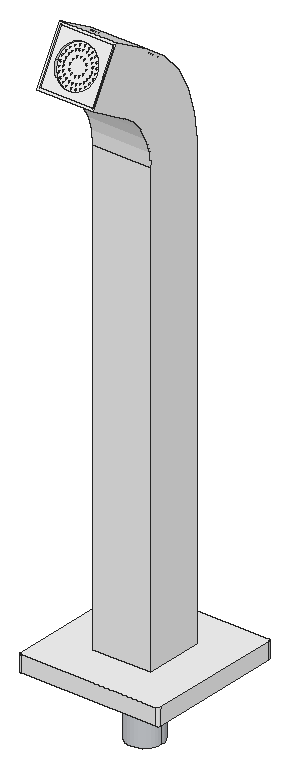
Revit family "Reece_Tap_Mizu_Bloc_Bath Outlet_250 mm", category Plumbing Fixtures, host Face, Revit 2018
Family settings
  Host = Face
  Round Connector Dimension = Use Diameter
  Part Type = Normal
  Cut with Voids When Loaded = No
  Shared = Yes
  Room Calculation Point = Yes
Parameters
  WFU = 0  # constant formula
  URL = "https://www.reece.com.au/product/-9503478"
  Type Comments = "Tap"
  Reece_Tap_Reach = 250 mm  # constant formula
  Reece_Tap_Inlet = 12.5 mm  # constant formula
  Reece_Product_Web Page = "https://www.reece.com.au/product/-9503478"
  Reece_Product_Type = "Tap"  # constant formula
  Reece_Product_Sub Brand = "Bloc"  # constant formula
  Reece_Product_Number = "9503478"
  Reece_Product_Mount = "Wall Mounted"
  Reece_Product_Description = "Mizu Bloc Bath Outlet 250mm Chrome"
  Reece_Product_Brand = "Mizu"  # constant formula
  Reece_Overall_Width = 61 mm  # constant formula
  Reece_Material-Main = Reece_Brass_Chrome
  Reece_Detail_Installation = ""
  Reece_Detail_Disclaimer = "THIS FILE IS THE PROPERTY OF THE REECE GROUP. IT MAY NOT BE REPRODUCED, REVERSE-ENGINEERED OR MODIFIED. ANY REPUBLICATION, TRANSMISSION OR DISTRIBUTION FOR THE PURPOSE OF COMMERCIALLY EXPLOITING THE FILES IS PROHIBITED."  # constant formula
  Reece_Detail_Connector = ""
  Reece_Detail_Additional = "Bath Outlet"  # constant formula
  Model = "Bloc"
  Manufacturer = "Mizu"
  Keynote = "Product #9503478, Reece_Tap_Mizu_Bloc_Bath Outlet_250 mm -  "
  HWFU = 0  # constant formula
  Disclaimer = "THIS FILE IS THE PROPERTY OF THE REECE GROUP. IT MAY NOT BE REPRODUCED, REVERSE-ENGINEERED OR MODIFIED. ANY REPUBLICATION, TRANSMISSION OR DISTRIBUTION FOR THE PURPOSE OF COMMERCIALLY EXPLOITING THE FILES IS PROHIBITED."  # constant formula
  Description = "Mizu Bloc Bath Outlet 250mm Chrome"
  Default Elevation = 1000 mm
  CWFU = 0  # constant formula
Types (2, lengths in mm): name | Keynote
  (no name) | "Product #9503478, Reece_Tap_Mizu_Bloc_Bath Outlet_250 mm -  "
  Chrome | "Product #9503478, Reece_Tap_Mizu_Bloc_Bath Outlet_250 mm - Chrome"
Reference planes
  plane 1 "Center (Front/Back)": y = 0
  plane 2 "Bottom": z = 0
  plane 3 "Center (Left/Right)": x = 0
  plane 4 "Top": z = 250
  plane 5: x = -30.5
  plane 6: x = 30.5
  plane 7: y = 30.5
  plane 8: y = -30.5
  plane 9: z = 7.2
  plane 10: y = -37
  plane 11: y = 12.5
  plane 12: y = -12.5
  plane 13: x = -12.5
  plane 14: x = 12.5
  plane 15: through (0, -21.439, 240.915) normal (0, 0.496, 0.8683)
Forms (mm)
  Extrusion 1, solid, material "Reece_Brass_Chrome" <- "Reece_Material-Main"
    sketch origin (0, 0, 0) x (1, 0, 0) y (0, 1, 0)
      loop
        line (29.3, 30.5) -> (-29.3, 30.5)
        arc (-29.3, 30.5) -> (-30.149, 30.149) -> (-30.5, 29.3) r 1.2
        line (-30.5, 29.3) -> (-30.5, -29.3)
        arc (-30.5, -29.3) -> (-30.149, -30.149) -> (-29.3, -30.5) r 1.2
        line (-29.3, -30.5) -> (29.3, -30.5)
        arc (29.3, -30.5) -> (30.149, -30.149) -> (30.5, -29.3) r 1.2
        line (30.5, -29.3) -> (30.5, 29.3)
        arc (30.5, 29.3) -> (30.149, 30.149) -> (29.3, 30.5) r 1.2
    from 0 to 7.2
  Sweep 2, solid, material "Reece_Brass_Chrome" <- "Reece_Material-Main"
    path origin (0, 0, 0) x (0, 1, 0) y (0, 0, 1)
      loop
        line (0, 0) -> (0, 204.152)
        arc (0, 204.152) -> (-5.587, 225.131) -> (-20.868, 240.554) r 42.184
        line (-20.868, 240.554) -> (-37, 250)
    profile origin (0, 0, 102.076) x (0, -1, 0) y (1, 0, 0)
      loop
        line (-12.5, -12.5) -> (12.5, -12.5) -> (12.5, 12.5) -> (-12.5, 12.5) -> (-12.5, -12.5)
      loop
        line (-11.5, -11.5) -> (11.5, -11.5) -> (11.5, 11.5) -> (-11.5, 11.5) -> (-11.5, -11.5)
  Extrusion 3, void
    sketch origin (0, 0, 0) x (1, 0, 0) y (0, 1, 0)
      loop
        circle (0, 0) r 20
    from 7.2 to -15.87
  Extrusion 4, void
    sketch origin (0, 0, 0) x (1, 0, 0) y (0, 1, 0)
      loop
        line (10.5, 10.5) -> (-10.5, 10.5) -> (-10.5, -10.5) -> (10.5, -10.5) -> (10.5, 10.5)
    from -7.819 to 6.228
  Extrusion 5, solid, material "Reece_Brass_Chrome" <- "Reece_Material-Main"
    sketch origin (0, 0, 0) x (0, 1, 0) y (0, 0, 1)
      loop
        line (-31.055, 259.845) -> (-42.677, 239.998) -> (-40.951, 238.987) -> (-29.329, 258.835) -> (-31.055, 259.845)
    from -11.5 to 11.5
  Revolve 6, solid
    sketch origin (100.792, -0.025, -0.807) x (1, 0, 0) y (0, 0, 1)
      loop
        line (-93.216, -27.341) -> (-93.216, -10.2) -> (-91.918, -8.9) -> (-91.918, -4.355) -> (-90.623, -4.355) -> (-90.623, 6.627) -> (-100.792, 6.627) -> (-100.792, -27.341) -> (-93.216, -27.341)
      axis (-100.792, 6.627) -> (-100.792, -27.341)
    angle from 0 to 360
  Extrusion 7, void
    sketch origin (0, 190.525, 190.583) x (1, 0, 0) y (0, 0.495999, 0.868323)
      loop
        circle (0, -57.915) r 0.3
    from 223.944 to 250
  Extrusion 8, void
    sketch origin (0, 129.604, 83.932) x (-1, 0, 0) y (0, -0.495999, -0.868323)
      loop
        circle (0, -57.915) r 0.3
    from 223.944 to 250
  Extrusion 9, void
    sketch origin (30.576, 186.462, 183.47) x (0.866025, -0.247999, -0.434162) y (0.5, 0.429547, 0.75199)
      loop
        circle (0, -57.915) r 0.3
    from 223.944 to 250
  Extrusion 10, void
    sketch origin (53.093, 175.348, 164.014) x (0.5, -0.429547, -0.75199) y (0.866025, 0.247999, 0.434162)
      loop
        circle (0, -57.915) r 0.3
    from 223.944 to 250
  Extrusion 11, void
    sketch origin (61.408, 160.057, 137.243) x (0, -0.495999, -0.868323) y (1, 0, 0)
      loop
        circle (0, -57.915) r 0.3
    from 223.944 to 250
  Extrusion 12, void
    sketch origin (53.101, 144.775, 110.492) x (-0.5, -0.429547, -0.75199) y (0.866025, -0.247999, -0.434162)
      loop
        circle (0, -57.915) r 0.3
    from 223.944 to 250
  Extrusion 13, void
    sketch origin (30.593, 133.663, 91.038) x (-0.866025, -0.247999, -0.434162) y (0.5, -0.429547, -0.75199)
      loop
        circle (0, -57.915) r 0.3
    from 223.944 to 250
  Extrusion 14, void
    sketch origin (-30.576, 186.462, 183.47) x (-0.866025, -0.247999, -0.434162) y (0.5, -0.429547, -0.75199)
      loop
        circle (0, 57.915) r 0.3
    from 223.944 to 250
  Extrusion 15, void
    sketch origin (-53.093, 175.348, 164.014) x (-0.5, -0.429547, -0.75199) y (0.866025, -0.247999, -0.434162)
      loop
        circle (0, 57.915) r 0.3
    from 223.944 to 250
  Extrusion 16, void
    sketch origin (-61.408, 160.057, 137.243) x (0, -0.495999, -0.868323) y (1, 0, 0)
      loop
        circle (0, 57.915) r 0.3
    from 223.944 to 250
  Extrusion 17, void
    sketch origin (-53.101, 144.775, 110.492) x (0.5, -0.429547, -0.75199) y (0.866025, 0.247999, 0.434162)
      loop
        circle (0, 57.915) r 0.3
    from 223.944 to 250
  Extrusion 18, void
    sketch origin (-30.593, 133.663, 91.038) x (0.866025, -0.247999, -0.434162) y (0.5, 0.429547, 0.75199)
      loop
        circle (0, 57.915) r 0.3
    from 223.944 to 250
  Extrusion 19, void
    sketch origin (0, -87.197, 48.148) x (1, 0, 0) y (0, 0.495999, 0.868323)
      loop
        circle (0, 200) r 9
    from 55.54 to 61.58
  Extrusion 20, void
    sketch origin (0, 206.272, 182.954) x (1, 0, 0) y (0, 0.500368, 0.865813)
      loop
        circle (0, -57.834) r 0.3
    from 241.124 to 250
  Extrusion 21, void
    sketch origin (0, 142.391, 72.418) x (-1, 0, 0) y (0, -0.500368, -0.865813)
      loop
        circle (0, -57.834) r 0.3
    from 240.757 to 250
  Extrusion 22, void
    sketch origin (16.521, 205.184, 181.071) x (0.965926, -0.129505, -0.224089) y (0.258819, 0.483319, 0.836311)
      loop
        circle (0, -57.834) r 0.3
    from 241.124 to 250
  Extrusion 23, void
    sketch origin (31.917, 201.993, 175.55) x (0.866025, -0.250184, -0.432906) y (0.5, 0.433332, 0.749816)
      loop
        circle (0, -57.834) r 0.3
    from 241.124 to 250
  Extrusion 24, void
    sketch origin (45.137, 196.917, 166.766) x (0.707107, -0.353814, -0.612222) y (0.707107, 0.353814, 0.612222)
      loop
        circle (0, -57.834) r 0.3
    from 241.124 to 250
  Extrusion 25, void
    sketch origin (55.282, 190.302, 155.32) x (0.5, -0.433332, -0.749816) y (0.866025, 0.250184, 0.432906)
      loop
        circle (0, -57.834) r 0.3
    from 241.124 to 250
  Extrusion 26, void
    sketch origin (61.659, 182.599, 141.99) x (0.258819, -0.483319, -0.836311) y (0.965926, 0.129505, 0.224089)
      loop
        circle (0, -57.834) r 0.3
    from 241.11 to 250
  Extrusion 27, void
    sketch origin (63.834, 174.332, 127.686) x (0, -0.500368, -0.865813) y (1, 0, 0)
      loop
        circle (0, -57.834) r 0.3
    from 241.332 to 250
  Extrusion 28, void
    sketch origin (61.659, 166.065, 113.382) x (-0.258819, -0.483319, -0.836311) y (0.965926, -0.129505, -0.224089)
      loop
        circle (0, -57.834) r 0.3
    from 240.945 to 250
  Extrusion 29, void
    sketch origin (55.282, 158.362, 100.052) x (-0.5, -0.433332, -0.749816) y (0.866025, -0.250184, -0.432906)
      loop
        circle (0, -57.834) r 0.3
    from 240.889 to 250
  Extrusion 30, void
    sketch origin (45.137, 151.747, 88.606) x (-0.707107, -0.353814, -0.612222) y (0.707107, -0.353814, -0.612222)
      loop
        circle (0, -57.834) r 0.3
    from 240.788 to 250
  Extrusion 31, void
    sketch origin (31.917, 146.671, 79.823) x (-0.866025, -0.250184, -0.432906) y (0.5, -0.433332, -0.749816)
      loop
        circle (0, -57.834) r 0.3
    from 240.788 to 250
  Extrusion 32, void
    sketch origin (16.521, 143.48, 74.301) x (-0.965926, -0.129505, -0.224089) y (0.258819, -0.483319, -0.836311)
      loop
        circle (0, -57.834) r 0.3
    from 240.757 to 250
  Extrusion 33, void
    sketch origin (-16.521, 205.184, 181.071) x (-0.965926, -0.129505, -0.224089) y (0.258819, -0.483319, -0.836311)
      loop
        circle (0, 57.834) r 0.3
    from 241.124 to 250
  Extrusion 34, void
    sketch origin (-31.917, 201.993, 175.55) x (-0.866025, -0.250184, -0.432906) y (0.5, -0.433332, -0.749816)
      loop
        circle (0, 57.834) r 0.3
    from 241.124 to 250
  Extrusion 35, void
    sketch origin (-45.137, 196.917, 166.766) x (-0.707107, -0.353814, -0.612222) y (0.707107, -0.353814, -0.612222)
      loop
        circle (0, 57.834) r 0.3
    from 241.124 to 250
  Extrusion 36, void
    sketch origin (-55.282, 190.302, 155.32) x (-0.5, -0.433332, -0.749816) y (0.866025, -0.250184, -0.432906)
      loop
        circle (0, 57.834) r 0.3
    from 241.124 to 250
  Extrusion 37, void
    sketch origin (-61.659, 182.599, 141.99) x (-0.258819, -0.483319, -0.836311) y (0.965926, -0.129505, -0.224089)
      loop
        circle (0, 57.834) r 0.3
    from 241.11 to 250
  Extrusion 38, void
    sketch origin (-63.834, 174.332, 127.686) x (0, -0.500368, -0.865813) y (1, 0, 0)
      loop
        circle (0, 57.834) r 0.3
    from 241.332 to 250
  Extrusion 39, void
    sketch origin (-61.659, 166.065, 113.382) x (0.258819, -0.483319, -0.836311) y (0.965926, 0.129505, 0.224089)
      loop
        circle (0, 57.834) r 0.3
    from 240.945 to 250
  Extrusion 40, void
    sketch origin (-55.282, 158.362, 100.052) x (0.5, -0.433332, -0.749816) y (0.866025, 0.250184, 0.432906)
      loop
        circle (0, 57.834) r 0.3
    from 240.889 to 250
  Extrusion 41, void
    sketch origin (-45.137, 151.747, 88.606) x (0.707107, -0.353814, -0.612222) y (0.707107, 0.353814, 0.612222)
      loop
        circle (0, 57.834) r 0.3
    from 240.788 to 250
  Extrusion 42, void
    sketch origin (-31.917, 146.671, 79.823) x (0.866025, -0.250184, -0.432906) y (0.5, 0.433332, 0.749816)
      loop
        circle (0, 57.834) r 0.3
    from 240.788 to 250
  Extrusion 43, void
    sketch origin (-16.521, 143.48, 74.301) x (0.965926, -0.129505, -0.224089) y (0.258819, 0.483319, 0.836311)
      loop
        circle (0, 57.834) r 0.3
    from 240.757 to 250
  Extrusion 44, void
    sketch origin (16.313, 205.266, 176.365) x (0.965926, -0.132367, -0.22241) y (0.258819, 0.494, 0.830046)
      loop
        circle (0, -55.359) r 0.3
    from 241.124 to 250
  Extrusion 45, void
    sketch origin (31.514, 202.046, 170.954) x (0.866025, -0.255713, -0.429663) y (0.5, 0.442909, 0.744199)
      loop
        circle (0, -55.359) r 0.3
    from 241.124 to 250
  Extrusion 46, void
    sketch origin (44.568, 196.923, 162.346) x (0.707107, -0.361633, -0.607636) y (0.707107, 0.361633, 0.607636)
      loop
        circle (0, -55.359) r 0.3
    from 241.124 to 250
  Extrusion 47, void
    sketch origin (0, 206.364, 178.21) x (-1, 0, 0) y (0, -0.511427, -0.859327)
      loop
        circle (0, 55.359) r 0.3
    from 241.124 to 250
  Extrusion 48, void
    sketch origin (-16.313, 205.266, 176.365) x (-0.965926, -0.132367, -0.22241) y (0.258819, -0.494, -0.830046)
      loop
        circle (0, 55.359) r 0.3
    from 241.124 to 250
  Extrusion 49, void
    sketch origin (-63.028, 174.13, 124.048) x (0, 0.511427, 0.859327) y (-1, 0, 0)
      loop
        circle (0, -55.359) r 0.3
    from 241.124 to 250
  Extrusion 50, void
    sketch origin (-31.514, 202.046, 170.954) x (0.866025, 0.255713, 0.429663) y (-0.5, 0.442909, 0.744199)
      loop
        circle (0, -55.359) r 0.3
    from 241.124 to 250
  Extrusion 51, void
    sketch origin (-60.88, 165.787, 110.03) x (-0.258819, 0.494, 0.830046) y (-0.965926, -0.132367, -0.22241)
      loop
        circle (0, -55.359) r 0.3
    from 241.124 to 250
  Extrusion 52, void
    sketch origin (-60.88, 182.473, 138.066) x (0.258819, 0.494, 0.830046) y (-0.965926, 0.132367, 0.22241)
      loop
        circle (0, -55.359) r 0.3
    from 241.124 to 250
  Extrusion 53, void
    sketch origin (-54.584, 190.247, 151.129) x (0.5, 0.442909, 0.744199) y (-0.866025, 0.255713, 0.429663)
      loop
        circle (0, -55.359) r 0.3
    from 241.124 to 250
  Extrusion 54, void
    sketch origin (-44.568, 196.923, 162.346) x (0.707107, 0.361633, 0.607636) y (-0.707107, 0.361633, 0.607636)
      loop
        circle (0, -55.359) r 0.3
    from 241.124 to 250
  Extrusion 55, void
    sketch origin (-44.568, 151.337, 85.75) x (-0.707107, 0.361633, 0.607636) y (-0.707107, -0.361633, -0.607636)
      loop
        circle (0, -55.359) r 0.3
    from 241.124 to 250
  Extrusion 56, void
    sketch origin (54.584, 190.247, 151.129) x (0.5, -0.442909, -0.744199) y (0.866025, 0.255713, 0.429663)
      loop
        circle (0, -55.359) r 0.3
    from 241.124 to 250
  Extrusion 57, void
    sketch origin (-54.584, 158.013, 96.967) x (-0.5, 0.442909, 0.744199) y (-0.866025, -0.255713, -0.429663)
      loop
        circle (0, -55.359) r 0.3
    from 241.124 to 250
  Extrusion 58, void
    sketch origin (60.88, 182.473, 138.066) x (0.258819, -0.494, -0.830046) y (0.965926, 0.132367, 0.22241)
      loop
        circle (0, -55.359) r 0.3
    from 241.124 to 250
  Extrusion 59, void
    sketch origin (63.028, 174.13, 124.048) x (0, -0.511427, -0.859327) y (1, 0, 0)
      loop
        circle (0, -55.359) r 0.3
    from 241.124 to 250
  Extrusion 60, void
    sketch origin (60.88, 165.787, 110.03) x (-0.258819, -0.494, -0.830046) y (0.965926, -0.132367, -0.22241)
      loop
        circle (0, -55.359) r 0.3
    from 241.124 to 250
  Extrusion 61, void
    sketch origin (54.584, 158.013, 96.967) x (-0.5, -0.442909, -0.744199) y (0.866025, -0.255713, -0.429663)
      loop
        circle (0, -55.359) r 0.3
    from 241.124 to 250
  Extrusion 62, void
    sketch origin (44.568, 151.337, 85.75) x (-0.707107, -0.361633, -0.607636) y (0.707107, -0.361633, -0.607636)
      loop
        circle (0, -55.359) r 0.3
    from 241.124 to 250
  Extrusion 63, void
    sketch origin (31.514, 146.214, 77.143) x (-0.866025, -0.255713, -0.429663) y (0.5, -0.442909, -0.744199)
      loop
        circle (0, -55.359) r 0.3
    from 241.124 to 250
  Extrusion 64, void
    sketch origin (16.313, 142.994, 71.732) x (-0.965926, -0.132367, -0.22241) y (0.258819, -0.494, -0.830046)
      loop
        circle (0, -55.359) r 0.3
    from 241.124 to 250
  Extrusion 65, void
    sketch origin (0, 141.896, 69.887) x (-1, 0, 0) y (0, -0.511427, -0.859327)
      loop
        circle (0, -55.359) r 0.3
    from 241.124 to 250
  Extrusion 66, void
    sketch origin (-16.313, 142.994, 71.732) x (-0.965926, 0.132367, 0.22241) y (-0.258819, -0.494, -0.830046)
      loop
        circle (0, -55.359) r 0.3
    from 241.124 to 250
  Extrusion 67, void
    sketch origin (-31.514, 146.214, 77.143) x (-0.866025, 0.255713, 0.429663) y (-0.5, -0.442909, -0.744199)
      loop
        circle (0, -55.359) r 0.3
    from 241.124 to 250
Cuts and joins
  Extrusion 4 cuts Extrusion 1
  Extrusion 58 cuts Sweep 2
  joined: Extrusion 1, Sweep 2
  Extrusion 7, Extrusion 8, Extrusion 9, Extrusion 10, Extrusion 11, Extrusion 12, Extrusion 13, Extrusion 14, Extrusion 15, Extrusion 16, Extrusion 17, Extrusion 18, Extrusion 19, Extrusion 20, Extrusion 21, Extrusion 22, Extrusion 23, Extrusion 24, Extrusion 25, Extrusion 26, Extrusion 27, Extrusion 28, Extrusion 29, Extrusion 30, Extrusion 31, Extrusion 32, Extrusion 33, Extrusion 34, Extrusion 35, Extrusion 36, Extrusion 37, Extrusion 38, Extrusion 39, Extrusion 40, Extrusion 41, Extrusion 42, Extrusion 43, Extrusion 44, Extrusion 45, Extrusion 46, Extrusion 47, Extrusion 48, Extrusion 49, Extrusion 50, Extrusion 51, Extrusion 52, Extrusion 53, Extrusion 54, Extrusion 55, Extrusion 56, Extrusion 57, Extrusion 58, Extrusion 59, Extrusion 60, Extrusion 61, Extrusion 62, Extrusion 63, Extrusion 64, Extrusion 65, Extrusion 66, Extrusion 67 cuts Extrusion 5
Text (mm)
  text "Reece Copyright © 2018, Reece Ltd." at (12.443, -188.077, 0), in view "Ref. Level"
  text "Reece ©" at (44.384, 258.95, 192.345), in view "Reece Preview"
Dimensions and locks
  "Reece_Overall_Width": plane 5 to plane 6
  plane 7 to plane 8 = 61 mm  (x2)
  plane 9 to plane 2 "Bottom" = 7.2 mm  (x3)
  plane 1 "Center (Front/Back)" to plane 10 = 37 mm
  plane 6 to plane 5 = 61 mm
  plane 14 to plane 13 = 25 mm
  plane 4 "Top" to plane 2 "Bottom" = 250 mm
  plane 2 "Bottom" to plane 4 "Top" = 250 mm
  plane 2 "Bottom" to plane 9 = 7.2 mm
  plane 11 to plane 12 = 25 mm
  plane 10 to plane 1 "Center (Front/Back)" = 37 mm
  "Reece_Tap_Reach": plane 4 "Top" to plane 2 "Bottom"
  plane 8 to plane 7 = 61 mm
  plane 12 to plane 11 = 25 mm
  plane 5 to plane 6 = 61 mm
  plane 13 to plane 14 = 25 mm
  aligned and locked: plane 2 "Bottom" to host face
  aligned and locked: level to host face
  aligned and locked: plane 9 to Extrusion 1
Automatic sketch dimensions
  host sketch curve to host sketch curve = 380.785 mm
  host sketch curve to host sketch curve = 317.421 mm
  Extrusion 1 sketch curve to plane 5 = 0 mm
  plane 8 to Extrusion 1 sketch curve = 0 mm
  Extrusion 1 sketch curve to plane 7 = 0 mm
  Extrusion 1 sketch curve to plane 6 = 0 mm
  Extrusion 1 sketch curve to plane 5 = 1.2 mm  (x2)
  Extrusion 1 sketch curve to Extrusion 1 sketch curve = 1.2 mm
  Extrusion 1 sketch curve to plane 6 = 1.2 mm
  Sweep 2 sketch curve to plane 4 "Top" = 0 mm
  Sweep 2 sketch curve to plane 10 = 0 mm
  Sweep 2 sketch curve to plane 1 "Center (Front/Back)" = 0 mm
  level to Sweep 2 sketch curve = 0 mm
  Sweep 2 sketch curve to plane 10 = 5.184 mm
  Sweep 2 sketch curve to plane 12 = 8.368 mm
  Sweep 2 sketch curve to plane 4 "Top" = 45.848 mm
  profile plane to Sweep 2 sketch curve = 12.5 mm
  Sweep 2 sketch curve to Sweep 2 sketch curve = 1 mm  (x4)
  Sweep 2 sketch curve to profile plane = 11.5 mm
  Sweep 2 sketch curve to plane 3 "Center (Left/Right)" = 12.5 mm
  plane 3 "Center (Left/Right)" to Sweep 2 sketch curve = 11.5 mm
  plane 1 "Center (Front/Back)" to Extrusion 3 sketch curve = 0 mm
  Extrusion 3 sketch curve to plane 3 "Center (Left/Right)" = 0 mm
  Extrusion 4 sketch curve to plane 13 = 2 mm
  Extrusion 4 sketch curve to plane 14 = 2 mm
  plane 12 to Extrusion 4 sketch curve = 2 mm
  plane 11 to Extrusion 4 sketch curve = 2 mm
  Extrusion 5 sketch curve to plane 10 = 5.677 mm
  Extrusion 5 sketch curve to Extrusion 5 sketch curve = 1.726 mm
  plane 8 to Extrusion 5 sketch curve = 0.555 mm
  Extrusion 5 sketch curve to plane 4 "Top" = 11.013 mm
  Extrusion 5 sketch curve to Extrusion 5 sketch curve = 1.011 mm
  Revolve 6 sketch curve to plane 3 "Center (Left/Right)" = 0 mm  (x2)
  Revolve 6 sketch curve to plane 14 = 4.924 mm
  Revolve 6 sketch curve to plane 14 = 3.626 mm
  Revolve 6 sketch curve to plane 14 = 2.331 mm
  Revolve 6 sketch curve to Revolve 6 sketch curve = 1.295 mm
  Revolve 6 sketch curve to level = 28.149 mm
  Revolve 6 sketch curve to level = 11.007 mm
  Revolve 6 sketch curve to Revolve 6 sketch curve = 1.3 mm
  Revolve 6 sketch curve to Revolve 6 sketch curve = 4.545 mm
  Revolve 6 sketch curve to plane 9 = 1.38 mm
  Revolve 6 sketch curve to Revolve 6 sketch curve = 11.547 mm
  plane 9 to Revolve 6 sketch curve = 21.784 mm
  Extrusion 7 sketch curve to plane 3 "Center (Left/Right)" = 0 mm
  plane 15 to Extrusion 7 sketch curve = 3.514 mm
  Extrusion 8 sketch curve to plane 3 "Center (Left/Right)" = 0 mm
  Extrusion 8 sketch curve to plane 15 = 3.48 mm
  plane 3 "Center (Left/Right)" to Extrusion 9 sketch curve = 1.619 mm
  plane 15 to Extrusion 9 sketch curve = 3.081 mm
  plane 15 to Extrusion 10 sketch curve = 1.874 mm
  plane 3 "Center (Left/Right)" to Extrusion 10 sketch curve = 2.937 mm
  plane 15 to Extrusion 11 sketch curve = 0.001 mm
  plane 3 "Center (Left/Right)" to Extrusion 11 sketch curve = 3.493 mm
  Extrusion 12 sketch curve to plane 15 = 1.85 mm
  plane 3 "Center (Left/Right)" to Extrusion 12 sketch curve = 2.945 mm
  plane 3 "Center (Left/Right)" to Extrusion 13 sketch curve = 1.635 mm
  Extrusion 13 sketch curve to plane 15 = 3.056 mm
  Extrusion 14 sketch curve to plane 3 "Center (Left/Right)" = 1.619 mm
  plane 15 to Extrusion 14 sketch curve = 3.081 mm
  plane 15 to Extrusion 15 sketch curve = 1.874 mm
  Extrusion 15 sketch curve to plane 3 "Center (Left/Right)" = 2.937 mm
  plane 15 to Extrusion 16 sketch curve = 0.001 mm
  Extrusion 16 sketch curve to plane 3 "Center (Left/Right)" = 3.493 mm
  Extrusion 17 sketch curve to plane 15 = 1.85 mm
  Extrusion 17 sketch curve to plane 3 "Center (Left/Right)" = 2.945 mm
  Extrusion 18 sketch curve to plane 3 "Center (Left/Right)" = 1.635 mm
  Extrusion 18 sketch curve to plane 15 = 3.056 mm
  Extrusion 19 sketch curve to plane 3 "Center (Left/Right)" = 0 mm
  Extrusion 19 sketch curve to plane 15 = 0 mm
  Extrusion 20 sketch curve to plane 3 "Center (Left/Right)" = 0 mm
  Extrusion 21 sketch curve to plane 3 "Center (Left/Right)" = 0 mm
  plane 3 "Center (Left/Right)" to Extrusion 22 sketch curve = 1.553 mm
  plane 3 "Center (Left/Right)" to Extrusion 23 sketch curve = 3 mm
  plane 3 "Center (Left/Right)" to Extrusion 24 sketch curve = 4.243 mm
  plane 3 "Center (Left/Right)" to Extrusion 25 sketch curve = 5.196 mm
  plane 3 "Center (Left/Right)" to Extrusion 26 sketch curve = 5.796 mm
  plane 3 "Center (Left/Right)" to Extrusion 27 sketch curve = 6 mm
  plane 3 "Center (Left/Right)" to Extrusion 28 sketch curve = 5.796 mm
  plane 3 "Center (Left/Right)" to Extrusion 29 sketch curve = 5.196 mm
  plane 3 "Center (Left/Right)" to Extrusion 30 sketch curve = 4.243 mm
  plane 3 "Center (Left/Right)" to Extrusion 31 sketch curve = 3 mm
  plane 3 "Center (Left/Right)" to Extrusion 32 sketch curve = 1.553 mm
  Extrusion 33 sketch curve to plane 3 "Center (Left/Right)" = 1.553 mm
  Extrusion 34 sketch curve to plane 3 "Center (Left/Right)" = 3 mm
  Extrusion 35 sketch curve to plane 3 "Center (Left/Right)" = 4.243 mm
  Extrusion 36 sketch curve to plane 3 "Center (Left/Right)" = 5.196 mm
  Extrusion 37 sketch curve to plane 3 "Center (Left/Right)" = 5.796 mm
  Extrusion 38 sketch curve to plane 3 "Center (Left/Right)" = 6 mm
  Extrusion 39 sketch curve to plane 3 "Center (Left/Right)" = 5.796 mm
  Extrusion 40 sketch curve to plane 3 "Center (Left/Right)" = 5.196 mm
  Extrusion 41 sketch curve to plane 3 "Center (Left/Right)" = 4.243 mm
  Extrusion 42 sketch curve to plane 3 "Center (Left/Right)" = 3 mm
  Extrusion 43 sketch curve to plane 3 "Center (Left/Right)" = 1.553 mm
  plane 3 "Center (Left/Right)" to Extrusion 44 sketch curve = 1.985 mm
  plane 3 "Center (Left/Right)" to Extrusion 45 sketch curve = 3.835 mm
  plane 3 "Center (Left/Right)" to Extrusion 46 sketch curve = 5.423 mm
  Extrusion 47 sketch curve to plane 3 "Center (Left/Right)" = 0 mm
  Extrusion 48 sketch curve to plane 3 "Center (Left/Right)" = 1.985 mm
  Extrusion 49 sketch curve to plane 13 = 4.831 mm
  Extrusion 50 sketch curve to plane 3 "Center (Left/Right)" = 3.835 mm
  Extrusion 51 sketch curve to plane 13 = 5.092 mm
  Extrusion 52 sketch curve to plane 13 = 5.092 mm
  Extrusion 53 sketch curve to plane 13 = 5.858 mm
  Extrusion 54 sketch curve to plane 3 "Center (Left/Right)" = 5.423 mm
  Extrusion 55 sketch curve to plane 3 "Center (Left/Right)" = 5.423 mm
  Extrusion 56 sketch curve to plane 14 = 5.858 mm
  Extrusion 57 sketch curve to plane 13 = 5.858 mm
  Extrusion 58 sketch curve to plane 14 = 5.092 mm
  Extrusion 59 sketch curve to plane 14 = 4.831 mm
  Extrusion 60 sketch curve to plane 14 = 5.092 mm
  Extrusion 61 sketch curve to plane 14 = 5.858 mm
  plane 3 "Center (Left/Right)" to Extrusion 62 sketch curve = 5.423 mm
  plane 3 "Center (Left/Right)" to Extrusion 63 sketch curve = 3.835 mm
  plane 3 "Center (Left/Right)" to Extrusion 64 sketch curve = 1.985 mm
  Extrusion 65 sketch curve to plane 3 "Center (Left/Right)" = 0 mm
  Extrusion 66 sketch curve to plane 3 "Center (Left/Right)" = 1.985 mm
  Extrusion 67 sketch curve to plane 3 "Center (Left/Right)" = 3.835 mm
  radius of Extrusion 3 sketch curve = 20 mm
  radius of Extrusion 7 sketch curve = 0.3 mm
  radius of Extrusion 8 sketch curve = 0.3 mm
  radius of Extrusion 9 sketch curve = 0.3 mm
  radius of Extrusion 10 sketch curve = 0.3 mm
  radius of Extrusion 11 sketch curve = 0.3 mm
  radius of Extrusion 12 sketch curve = 0.3 mm
  radius of Extrusion 13 sketch curve = 0.3 mm
  radius of Extrusion 14 sketch curve = 0.3 mm
  radius of Extrusion 15 sketch curve = 0.3 mm
  radius of Extrusion 16 sketch curve = 0.3 mm
  radius of Extrusion 17 sketch curve = 0.3 mm
  radius of Extrusion 18 sketch curve = 0.3 mm
  radius of Extrusion 19 sketch curve = 9 mm
  radius of Extrusion 20 sketch curve = 0.3 mm
  radius of Extrusion 21 sketch curve = 0.3 mm
  radius of Extrusion 22 sketch curve = 0.3 mm
  radius of Extrusion 23 sketch curve = 0.3 mm
  radius of Extrusion 24 sketch curve = 0.3 mm
  radius of Extrusion 25 sketch curve = 0.3 mm
  radius of Extrusion 26 sketch curve = 0.3 mm
  radius of Extrusion 27 sketch curve = 0.3 mm
  radius of Extrusion 28 sketch curve = 0.3 mm
  radius of Extrusion 29 sketch curve = 0.3 mm
  radius of Extrusion 30 sketch curve = 0.3 mm
  radius of Extrusion 31 sketch curve = 0.3 mm
  radius of Extrusion 32 sketch curve = 0.3 mm
  radius of Extrusion 33 sketch curve = 0.3 mm
  radius of Extrusion 34 sketch curve = 0.3 mm
  radius of Extrusion 35 sketch curve = 0.3 mm
  radius of Extrusion 36 sketch curve = 0.3 mm
  radius of Extrusion 37 sketch curve = 0.3 mm
  radius of Extrusion 38 sketch curve = 0.3 mm
  radius of Extrusion 39 sketch curve = 0.3 mm
  radius of Extrusion 40 sketch curve = 0.3 mm
  radius of Extrusion 41 sketch curve = 0.3 mm
  radius of Extrusion 42 sketch curve = 0.3 mm
  radius of Extrusion 43 sketch curve = 0.3 mm
  radius of Extrusion 44 sketch curve = 0.3 mm
  radius of Extrusion 45 sketch curve = 0.3 mm
  radius of Extrusion 46 sketch curve = 0.3 mm
  radius of Extrusion 47 sketch curve = 0.3 mm
  radius of Extrusion 48 sketch curve = 0.3 mm
  radius of Extrusion 49 sketch curve = 0.3 mm
  radius of Extrusion 50 sketch curve = 0.3 mm
  radius of Extrusion 51 sketch curve = 0.3 mm
  radius of Extrusion 52 sketch curve = 0.3 mm
  radius of Extrusion 53 sketch curve = 0.3 mm
  radius of Extrusion 54 sketch curve = 0.3 mm
  radius of Extrusion 55 sketch curve = 0.3 mm
  radius of Extrusion 56 sketch curve = 0.3 mm
  radius of Extrusion 57 sketch curve = 0.3 mm
  radius of Extrusion 58 sketch curve = 0.3 mm
  radius of Extrusion 59 sketch curve = 0.3 mm
  radius of Extrusion 60 sketch curve = 0.3 mm
  radius of Extrusion 61 sketch curve = 0.3 mm
  radius of Extrusion 62 sketch curve = 0.3 mm
  radius of Extrusion 63 sketch curve = 0.3 mm
  radius of Extrusion 64 sketch curve = 0.3 mm
  radius of Extrusion 65 sketch curve = 0.3 mm
  radius of Extrusion 66 sketch curve = 0.3 mm
  radius of Extrusion 67 sketch curve = 0.3 mm
Connectors
  piping at (0, -0.025, 5.82), diameter 12.5, driven by "Reece_Tap_Inlet"
    settings: on Revolve 6, index 1, connector inside diameter 609.6 mm, connector length 0 mm, flow factor 0, pipe flow 0.0 L/s, pressure drop 0.0 Pa, fitting loss kfactor 0, connector angle 0.00°, fixture units 0, engagement length 0 mm, angle of deflection 0.00°, flow configuration 0, flow direction 1, fitting loss method 0, system type 29, joint type 0, gender type 0, connector reference index -1, connector utility 0, adjustable connector no, is connector primary yes, connector description ""
